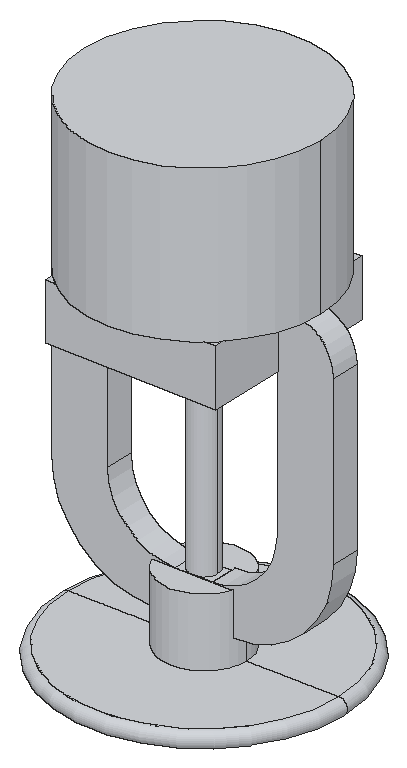
Revit family
Parameters (values of type "RASCO F1 PENDENT")
  Temperature Rating = 155 °F
  Response = (empty or 0)
  RASCO SIN # = "R1712"
  RASCO Part # = "FP1LB"
  Pressure Rating = "175 PSI"
  Pressure Class = (empty or 0)
  Orifice Size = 17/32"
  Orifice = (empty or 0)
  Model = "F1"
  Manufacturer = "RASCO"
  K-Factor = 8
  Description = "Bronze Finish"
  Coverage = (empty or 0)
Reference planes (in)
  plane 1 "Center (Front/Back)": y = 0
  plane 2: z = 0
  plane 3 "Center (Left/Right)": x = 0
Dimensions and locks (in)
  aligned and locked: plane 2 to level
Nested families (in)
  nested 1: "FP1LB" at (-0.01148, 0, 2.4375) x (-1, 0, 0) z (0, 0, -1), type "RASCO F1 PENDENT"
Connectors (in)
  piping at (-0.01148, 0, 2.4375)
    settings: on nested 1, index 1, connector radius 1/2", flow factor 0, pipe flow 0 GPM, pressure drop 0.00 psi, fitting loss kfactor 0, connector angle 0.00°, fixture units 0, flow configuration 0, flow direction 0, fitting loss method 0, system type 7, connector reference index -1, connector utility 0, adjustable connector no, is connector primary yes, fitting loss table "", connector description ""
Definition of nested family "FP1LB"
  Parameters (values of type "RASCO F1 PENDENT")
    Type Comments = ""
    Temperature Rating = 0 °F
    Response = (empty or 0)
    Pressure Rating = "0"
    Pressure Class = (empty or 0)
    Orifice Size = 0"
    Orifice = (empty or 0)
    Model = ""
    Manufacturer = ""
    K-Factor = 0
    Description = ""
    Coverage = (empty or 0)
    Assembly Code = ""
  Reference planes (in)
    plane 1 "Center (Front/Back)": y = 0
    plane 2: z = 0
    plane 3 "ref.2": z = 0.6875
    plane 4 "ref.3": z = 0.9375
    plane 5: x = -0.38065
    plane 6: x = 0.36935
    plane 7 "ref. side 1": y = 0.06402
    plane 8 "ref. side 2": y = -0.06098
    plane 9 "ref.4": z = 1.875
    plane 10 "ref.5": z = 2.3125
    plane 11 "ref.6": z = 2.4375
  Forms (in)
    Extrusion 1, solid
      sketch origin (0, 0, 0) x (1, 0, 0) y (0, 1, 0)
        loop
          circle (0, 0) r 0.5221
      from 0 to 0.6875
    Extrusion 2, solid
      sketch origin (-0.12185, 0.05177, 0.6875) x (1, 0, 0) y (0, 1, 0)
        loop
          line (-0.2588, 0.356) -> (-0.2588, -0.4565) -> (0.4912, -0.4565) -> (0.4912, 0.356) -> (-0.2588, 0.356)
      from 0 to 0.25
    Extrusion 3, solid
      sketch origin (0, 0, 0) x (1, 0, 0) y (0, 0, 1)
        loop
          line (-0.38065, 0.69674) -> (-0.38065, 1.58397)
          arc (-0.38065, 1.58397) -> (-0.29541, 1.78976) -> (-0.08962, 1.875) r 0.29103
          line (-0.08962, 1.875) -> (0.07524, 1.875)
          arc (0.07524, 1.875) -> (0.28321, 1.78886) -> (0.36935, 1.58089) r 0.29411
          line (0.36935, 1.58089) -> (0.36935, 0.69728)
          arc (0.36935, 0.69728) -> (0.54046, 0.72329) -> (0.61935, 0.87734) r 0.18984
          line (0.61935, 0.87734) -> (0.61935, 1.61676)
          arc (0.61935, 1.61676) -> (0.48879, 1.93194) -> (0.17361, 2.0625) r 0.44574
          line (0.17361, 2.0625) -> (-0.18509, 2.0625)
          arc (-0.18509, 2.0625) -> (-0.50015, 1.932) -> (-0.63065, 1.61694) r 0.44556
          line (-0.63065, 1.61694) -> (-0.63065, 0.87876)
          arc (-0.63065, 0.87876) -> (-0.55196, 0.72414) -> (-0.38065, 0.69674) r 0.19126
      from -0.06402 to 0.06098
    Extrusion 4, solid
      sketch origin (0, 0, 0.9375) x (-1, 0, 0) y (0, -1, 0)
        loop
          circle (0.00574, -0.00152) r 0.0625
      from 0 to 0.9375
    Extrusion 5, solid
      sketch origin (0, 0, 1.875) x (-1, 0, 0) y (0, -1, 0)
        loop
          circle (0.00574, -0.00152) r 0.1875
      from 0 to 0.4375
    Revolve 6, solid
      sketch origin (0, 0, -0.2777) x (1, 0, 0) y (0, 0, 1)
        loop
          line (-0.19324, 2.45404) -> (-0.19324, 2.52696) -> (-0.60418, 2.52696)
          arc (-0.60418, 2.52696) -> (-0.64064, 2.4905) -> (-0.60418, 2.45404) r 0.03646
          line (-0.60418, 2.45404) -> (-0.19324, 2.45404)
        axis (-0.00574, 2.45404) -> (-0.00574, 2.52696)
      angle from 0 to 360
  Cuts and joins
    joined: Extrusion 1, Extrusion 2, Extrusion 4, Revolve 6
  Lines and regions (in)
    model lines
      curve 1: line (-0.00574, 0.06402, 1.875) -> (-0.00574, -0.06098, 1.875)
  Dimensions and locks (in)
    Extrusion 3 to Extrusion 3 = 0' - 1 1/4"
    Extrusion 5 to cut or joined group of Extrusion 1, Extrusion 2, Extrusion 4, Revolve 6 = 0' - 2 5/16"
